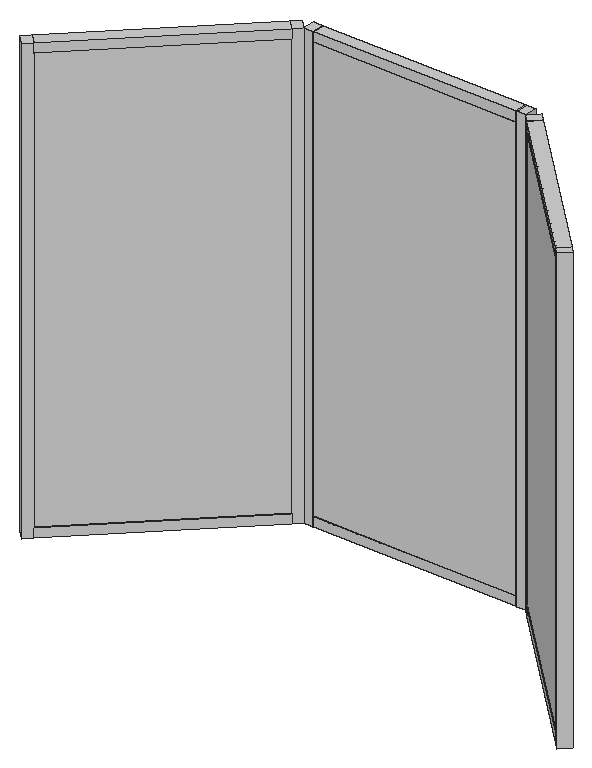
Revit family "SD", category Specialty Equipment, Revit 2012
Parameters (values of type "Freestanding Slatwall Display (Default)")
  URL = "http://madixinc.com/display/freestanding.html"
  Model = "Freestanding Slatwall Display"
  Manufacturer = "© 2012 Madix, Inc. All rights reserved."
Reference planes (in)
  plane 1 "Center (Front/Back)": y = 0
  plane 2: z = 0
  plane 3 "Center (Left/Right)": x = 0
  plane 4: x = -18
  plane 5: x = 18
  plane 6: y = 1.375
  plane 7: y = -1.375
  plane 8: through (-18, -1.375, 48) normal (0.7071, -0.7071, 0)
  plane 9: through (-19.50633, 1.00776, 48) normal (0.7071, -0.7071, 0)
  plane 10: through (18, -1.375, 48) normal (0.7071, 0.7071, 0)
  plane 11: through (19.50633, 1.00776, 48) normal (0.7071, 0.7071, 0)
  plane 12: y = 1
  plane 13: y = -1
  plane 14: x = 18
  plane 15: through (-61.67023, -8.24146, 48) normal (0.7071, 0.7071, 0)
  plane 16: through (-36.21438, 17.21438, 48) normal (0.7071, 0.7071, 0)
  plane 17: through (-49.99557, -29.63682, 48) normal (-0.7071, 0.7071, 0)
  plane 18: through (-48.05103, -31.58136, 48) normal (-0.7071, 0.7071, 0)
  plane 19: x = -43.19068
  plane 20: x = -45.94068
  plane 21: y = -1.26517
  plane 22: y = 1.48483
  plane 23: through (-36.21438, 17.21438, 48) normal (0.7071, 0.7071, 0)
  plane 24: through (61.67023, -8.24146, 48) normal (0.7071, -0.7071, 0)
  plane 25: through (36.21438, 17.21438, 48) normal (0.7071, -0.7071, 0)
  plane 26: through (49.99557, -29.63682, 48) normal (-0.7071, -0.7071, 0)
  plane 27: through (48.05103, -31.58136, 48) normal (-0.7071, -0.7071, 0)
  plane 28: x = 43.19068
  plane 29: x = 45.94068
  plane 30: y = -1.26517
  plane 31: y = 1.48483
  plane 32: through (36.21438, 17.21438, 48) normal (0.7071, -0.7071, 0)
  plane 33: z = 72
Forms (in)
  Extrusion 1, solid, material "Metal - Steel"
    sketch origin (0, 0, 0) x (1, 0, 0) y (0, 0, 1)
      loop
        line (-16.5, 72) -> (-18, 72) -> (-18, 0) -> (-16.5, 0) -> (-16.5, 72)
      loop
        line (18, 72) -> (16.5, 72) -> (16.5, 0) -> (18, 0) -> (18, 72)
      loop
        line (-16.46875, 70.5) -> (16.46875, 70.5) -> (16.46875, 72) -> (-16.46875, 72) -> (-16.46875, 70.5)
      loop
        line (-16.46875, 0) -> (16.46875, 0) -> (16.46875, 1.5) -> (-16.46875, 1.5) -> (-16.46875, 0)
    from -1 to 1
  Extrusion 2, solid, material "Metal - Steel"
    sketch origin (-14.21875, 0, 0) x (1, 0, 0) y (0, 0, 1)
      loop
        line (30.6875, 1.53125) -> (30.6875, 70.46875) -> (-2.25, 70.46875) -> (-2.25, 1.53125) -> (30.6875, 1.53125)
    from -1 to 1
  Extrusion 3, solid, material "Metal - Steel"
    sketch origin (-31.43503, -13.02082, 0) x (0.707107, 0.707107, 0) y (0, 0, 1)
      loop
        line (-16.5, 72) -> (-18, 72) -> (-18, 0) -> (-16.5, 0) -> (-16.5, 72)
      loop
        line (18, 72) -> (16.5, 72) -> (16.5, 0) -> (18, 0) -> (18, 72)
      loop
        line (-16.46875, 70.5) -> (16.46875, 70.5) -> (16.46875, 72) -> (-16.46875, 72) -> (-16.46875, 70.5)
      loop
        line (-16.46875, 0) -> (16.46875, 0) -> (16.46875, 1.5) -> (-16.46875, 1.5) -> (-16.46875, 0)
    from -1 to 1
  Extrusion 4, solid, material "Metal - Steel"
    sketch origin (-41.4892, -23.07499, 0) x (0.707107, 0.707107, 0) y (0, 0, 1)
      loop
        line (30.6875, 1.53125) -> (30.6875, 70.46875) -> (-2.25, 70.46875) -> (-2.25, 1.53125) -> (30.6875, 1.53125)
    from -1 to 1
  Extrusion 5, solid, material "Metal - Steel"
    sketch origin (31.43503, -13.02082, 0) x (-0.707107, 0.707107, 0) y (0, 0, -1)
      loop
        line (-16.5, -72) -> (-16.5, 0) -> (-18, 0) -> (-18, -72) -> (-16.5, -72)
      loop
        line (18, -72) -> (18, 0) -> (16.5, 0) -> (16.5, -72) -> (18, -72)
      loop
        line (-16.46875, -70.5) -> (-16.46875, -72) -> (16.46875, -72) -> (16.46875, -70.5) -> (-16.46875, -70.5)
      loop
        line (-16.46875, 0) -> (-16.46875, -1.5) -> (16.46875, -1.5) -> (16.46875, 0) -> (-16.46875, 0)
    from -1 to 1
  Extrusion 6, solid, material "Metal - Steel"
    sketch origin (41.4892, -23.07499, 0) x (-0.707107, 0.707107, 0) y (0, 0, -1)
      loop
        line (30.6875, -1.53125) -> (-2.25, -1.53125) -> (-2.25, -70.46875) -> (30.6875, -70.46875) -> (30.6875, -1.53125)
    from -1 to 1
Dimensions and locks (in)
  aligned and locked: level to plane 2
